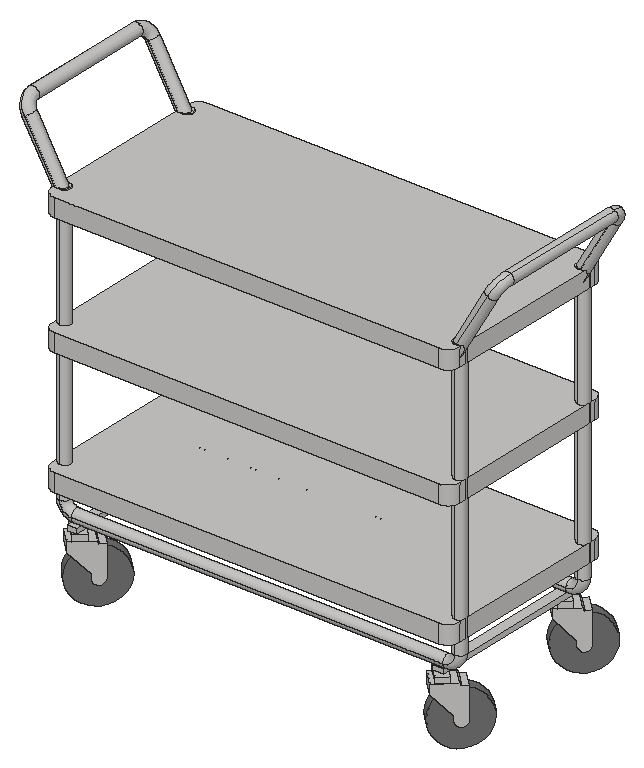
Revit family "QF_Vollrath_97166", category Specialty Equipment, Revit 2016
Family settings
  Part Type = Normal
  Round Connector Dimension = Use Diameter
  OmniClass Number = 23.40.40.14.17
  OmniClass Title = Food Cooking Equipment
  Work Plane-Based = No
  Always vertical = Yes
  Cut with Voids When Loaded = No
  Shared = No
  Room Calculation Point = No
Parameters (values of type "97166")
  Width [instance] = 40.50"
  Weight in Pounds = 37.65
  Watermarked By = "http://revitwatermark.com"
  URL Cutsheet = ""
  URL = ""
  Status [instance] = ""
  Specification by User [instance] = ""
  Specification by Manufacturer [instance] = ""
  Serial Number [instance] = ""
  Seismic Rating [instance] = ""
  Revision Code [instance] = ""
  NAFEM Spec ID Number [instance] = ""
  Model = "97166"
  Masterspec = ""
  Manufacturer = "Vollrath"
  Item Number [instance] = "-"
  Installed By [instance] = ""
  Identify Quantity as Lot [instance] = no
  Furnished By [instance] = ""
  Foodservice Equipment Identifier [instance] = yes
  Description = "Cart, Utility"
  Depth [instance] = 40.50"
  CSI MasterFormat = "11 48 13"
  Assembly Code = "E1090320"
Reference planes (in)
  plane 1: z = 0
  plane 2 "LEFT": x = 0
  plane 3 "RIGHT": x = 40.5
  plane 4 "FRONT": y = -19.62
  plane 5 "BACK": y = -3.62
  plane 6 "TOP": z = 36.5
  plane 7: x = 3.8
  plane 8: x = 36.7
  plane 9: z = 5.6
  plane 10: z = 6
  plane 11: z = 8.7
  plane 12: z = 10.2
  plane 13: z = 29.2
  plane 14: z = 30.7
  plane 15: y = -11.62
  plane 16: y = -18.02
  plane 17: y = -5.22
  plane 18: x = 20.25
  plane 19: z = 19.1
  plane 20: z = 20.6
Forms (in)
  Sweep 1, solid, material "QF_Finishes_Stainless Steel"
    path origin (16.16378, -0.04782, 1.26776) x (0, 1, 0) y (0.493545, 0, -0.86972)
      loop
        line (-17.97218, -30.7) -> (-17.97218, -36.95172)
        arc (-17.97218, -36.95172) -> (-17.67928, -37.65883) -> (-16.97218, -37.95172) r 1
        line (-16.97218, -37.95172) -> (-6.17218, -37.95172)
        arc (-6.17218, -37.95172) -> (-5.46507, -37.65883) -> (-5.17218, -36.95172) r 1
        line (-5.17218, -36.95172) -> (-5.17218, -30.7)
    profile origin (-0.53081, -18.02, 30.6868) x (0, 1, 0) y (-0.86972, 0, -0.493545)
      loop
        circle (0, -3.5) r 0.5
  Extrusion 2, solid, material "QF_Finishes_Stainless Steel"
    sketch origin (1.26549, 0, 16.75) x (-1, 0, 0) y (0, -1, 0)
      loop
        line (-3.40691, 4.95981) -> (-3.40691, 18.69329) -> (-4.1621, 18.69329) -> (-4.1621, 4.95981) -> (-3.40691, 4.95981)
      loop
        line (-33.51979, 4.60625) -> (-33.51979, 18.29014) -> (-34.36107, 18.29014) -> (-34.36107, 4.60625) -> (-33.51979, 4.60625)
    from -11.15 to -10.75
  Sweep 3, solid, material "QF_Finishes_Stainless Steel"
    path origin (0.07416, -4.72, 0) x (1, 0, 0) y (0, 0, -1)
      loop
        line (3.8, -30.7) -> (3.8, -7.51983)
        arc (3.8, -7.51983) -> (4.09289, -6.81273) -> (4.8, -6.51983) r 1
        line (4.8, -6.51983) -> (35.7, -6.51983)
        arc (35.7, -6.51983) -> (36.40711, -6.81273) -> (36.7, -7.51983) r 1
        line (36.7, -7.51983) -> (36.7, -30.7)
    profile origin (3.87416, -4.72, 19.10992) x (0, 1, 0) y (-1, 0, 0)
      loop
        circle (-0.5, 0) r 0.5
  Extrusion 4, solid, material "QF_Finishes_Stainless Steel"
    sketch origin (0, 0, 16.75) x (-1, 0, 0) y (0, -1, 0)
      loop
        arc (-4.35971, 3.62) -> (-3.6526, 3.91289) -> (-3.35971, 4.62) r 1
        line (-3.35971, 4.62) -> (-3.35971, 18.62)
        arc (-3.35971, 18.62) -> (-3.6526, 19.32711) -> (-4.35971, 19.62) r 1
        line (-4.35971, 19.62) -> (-36.2901, 19.62)
        arc (-36.2901, 19.62) -> (-36.99721, 19.32711) -> (-37.2901, 18.62) r 1
        line (-37.2901, 18.62) -> (-37.2901, 4.62)
        arc (-37.2901, 4.62) -> (-36.99721, 3.91289) -> (-36.2901, 3.62) r 1
        line (-36.2901, 3.62) -> (-4.35971, 3.62)
    from -8.05 to -6.55
  Extrusion 5, solid, material "QF_Finishes_Stainless Steel"
    sketch origin (0, 0, 37.25) x (-1, 0, 0) y (0, -1, 0)
      loop
        arc (-4.35971, 3.62) -> (-3.6526, 3.91289) -> (-3.35971, 4.62) r 1
        line (-3.35971, 4.62) -> (-3.35971, 18.62)
        arc (-3.35971, 18.62) -> (-3.6526, 19.32711) -> (-4.35971, 19.62) r 1
        line (-4.35971, 19.62) -> (-36.2901, 19.62)
        arc (-36.2901, 19.62) -> (-36.99721, 19.32711) -> (-37.2901, 18.62) r 1
        line (-37.2901, 18.62) -> (-37.2901, 4.62)
        arc (-37.2901, 4.62) -> (-36.99721, 3.91289) -> (-36.2901, 3.62) r 1
        line (-36.2901, 3.62) -> (-4.35971, 3.62)
    from -8.05 to -6.55
  Sweep 6, solid, material "QF_Finishes_Stainless Steel"
    path origin (0.07416, -18.52, 0) x (1, 0, 0) y (0, 0, 1)
      loop
        line (3.8, 30.7) -> (3.8, 7.51983)
        arc (3.8, 7.51983) -> (4.09289, 6.81273) -> (4.8, 6.51983) r 1
        line (4.8, 6.51983) -> (35.7, 6.51983)
        arc (35.7, 6.51983) -> (36.40711, 6.81273) -> (36.7, 7.51983) r 1
        line (36.7, 7.51983) -> (36.7, 30.7)
    profile origin (3.87416, -18.52, 19.10992) x (0, -1, 0) y (1, 0, 0)
      loop
        circle (-0.5, 0) r 0.5
  Sweep 7, solid, material "QF_Finishes_Stainless Steel"
    path origin (24.24727, -0.01843, 1.26776) x (0, 1, 0) y (0.493545, 0, 0.86972)
      loop
        line (-17.97218, 30.7) -> (-17.97218, 36.95172)
        arc (-17.97218, 36.95172) -> (-17.67928, 37.65883) -> (-16.97218, 37.95172) r 1
        line (-16.97218, 37.95172) -> (-6.17218, 37.95172)
        arc (-6.17218, 37.95172) -> (-5.46507, 37.65883) -> (-5.17218, 36.95172) r 1
        line (-5.17218, 36.95172) -> (-5.17218, 30.7)
    profile origin (40.94186, -17.99061, 30.6868) x (0, -1, 0) y (0.86972, 0, -0.493545)
      loop
        circle (0, -3.5) r 0.5
  Extrusion 8, solid, material "QF_Finishes_Stainless Steel"
    sketch origin (0, 0, 27.15) x (-1, 0, 0) y (0, -1, 0)
      loop
        arc (-4.35971, 3.62) -> (-3.6526, 3.91289) -> (-3.35971, 4.62) r 1
        line (-3.35971, 4.62) -> (-3.35971, 18.62)
        arc (-3.35971, 18.62) -> (-3.6526, 19.32711) -> (-4.35971, 19.62) r 1
        line (-4.35971, 19.62) -> (-36.2901, 19.62)
        arc (-36.2901, 19.62) -> (-36.99721, 19.32711) -> (-37.2901, 18.62) r 1
        line (-37.2901, 18.62) -> (-37.2901, 4.62)
        arc (-37.2901, 4.62) -> (-36.99721, 3.91289) -> (-36.2901, 3.62) r 1
        line (-36.2901, 3.62) -> (-4.35971, 3.62)
    from -8.05 to -6.55
Lines and regions (in)
  symbolic lines
    curve 1: line (3.35971, -5.62, 16.75) -> (3.35971, -17.53132, 16.75)
    curve 2: arc (3.8, -5.62, 16.75) -> (4.3, -5.12, 16.75) -> (3.8, -4.62, 16.75) r 0.5
    curve 3: line (36.7, -4.62, 16.75) -> (37.2901, -4.62, 16.75)
    curve 4: arc (1.40496, -18.68548, 16.75) -> (0.34319, -18.20633, 16.75) -> (0, -17.09315, 16.75) r 1.41598
    curve 5: line (0, -17.09315, 16.75) -> (0, -6.22, 16.75)
    curve 6: arc (0, -6.22, 16.75) -> (0.24752, -5.29624, 16.75) -> (0.92376, -4.62, 16.75) r 1.84752
    curve 7: line (0.92376, -4.62, 16.75) -> (3.8, -4.62, 16.75)
    curve 8: line (3.8, -5.62, 16.75) -> (3.35971, -5.62, 16.75)
    curve 9: line (3.35971, -5.62, 16.75) -> (1.10971, -5.62, 16.75)
    curve 10: line (1.10971, -5.62, 16.75) -> (1.10971, -17.53132, 16.75)
    curve 11: line (1.10971, -17.53132, 16.75) -> (3.87613, -17.53132, 16.75)
    curve 12: arc (3.87613, -18.68548, 16.75) -> (4.45321, -18.1084, 16.75) -> (3.87613, -17.53132, 16.75) r 0.57708
    curve 13: line (37.14029, -5.62, 16.75) -> (37.14029, -17.53132, 16.75)
    curve 14: arc (36.7, -5.62, 16.75) -> (36.2, -5.12, 16.75) -> (36.7, -4.62, 16.75) r 0.5
    curve 15: arc (39.09504, -18.68548, 16.75) -> (40.15681, -18.20633, 16.75) -> (40.5, -17.09315, 16.75) r 1.41598
    curve 16: line (40.5, -17.09315, 16.75) -> (40.5, -6.22, 16.75)
    curve 17: arc (40.5, -6.22, 16.75) -> (40.25248, -5.29624, 16.75) -> (39.57624, -4.62, 16.75) r 1.84752
    curve 18: line (39.57624, -4.62, 16.75) -> (36.7, -4.62, 16.75)
    curve 19: line (36.7, -5.62, 16.75) -> (37.14029, -5.62, 16.75)
    curve 20: line (37.14029, -5.62, 16.75) -> (39.39029, -5.62, 16.75)
    curve 21: line (39.39029, -5.62, 16.75) -> (39.39029, -17.53132, 16.75)
    curve 22: line (39.39029, -17.53132, 16.75) -> (36.62387, -17.53132, 16.75)
    curve 23: arc (36.62387, -18.68548, 16.75) -> (36.04679, -18.1084, 16.75) -> (36.62387, -17.53132, 16.75) r 0.57708
    curve 24: arc (4.35971, -3.62, 16.75) -> (3.6526, -3.91289, 16.75) -> (3.35971, -4.62, 16.75) r 1
    curve 25: line (36.2901, -3.62, 16.75) -> (4.35971, -3.62, 16.75)
    curve 26: arc (37.2901, -4.62, 16.75) -> (36.99721, -3.91289, 16.75) -> (36.2901, -3.62, 16.75) r 1
    curve 27: arc (36.2901, -19.62, 16.75) -> (36.99721, -19.32711, 16.75) -> (37.2901, -18.62, 16.75) r 1
    curve 28: line (4.35971, -19.62, 16.75) -> (36.2901, -19.62, 16.75)
    curve 29: arc (3.35971, -18.62, 16.75) -> (3.6526, -19.32711, 16.75) -> (4.35971, -19.62, 16.75) r 1
    curve 30: line (1.40496, -18.68548, 16.75) -> (4.15496, -18.68548, 16.75)
    curve 31: line (36.62387, -18.68548, 16.75) -> (39.09504, -18.68548, 16.75)
Dimensions and locks (in)
  plane 3 "RIGHT" to plane 2 "LEFT" = 40.50"
  locked: plane 8 to plane 3 "RIGHT" at 3.8
  plane 4 "FRONT" to plane 15 = 8.00"
  equal spacing: plane 4 "FRONT", plane 15, plane 5 "BACK"
  plane 9 to level = 5.60"
  plane 10 to plane 9 = 0.40"
  plane 11 to plane 10 = 2.70"
  plane 12 to plane 11 = 1.50"
  plane 14 to plane 13 = 1.50"
  plane 6 "TOP" to plane 14 = 5.80"
  locked: plane 2 "LEFT" to plane 7 at 3.8
  locked: plane 5 "BACK" to plane 17 at 1.6
  locked: plane 4 "FRONT" to plane 16 at 1.6
  equal spacing: plane 2 "LEFT", plane 18, plane 3 "RIGHT"
  plane 6 "TOP" to level = 36.50"
  locked: plane 5 "BACK" to nested 4 at 1.6
  locked: nested 4 to plane 8 at 1.49407
  locked: nested 3 to plane 8 at 1.49407
  locked: plane 4 "FRONT" to nested 3 at 1.6
  locked: plane 4 "FRONT" to nested 2 at 1.6
  "Width": plane 2 "LEFT" to plane 3 "RIGHT"
  plane 5 "BACK" to plane 4 "FRONT" = 16.00"
  aligned and locked: level to plane 1
Automatic sketch dimensions
  Sweep 1 sketch curve to plane 16 = 0.00"
  plane 17 to Sweep 1 sketch curve = 0.00"
  Sweep 1 sketch curve to plane 16 = 1.00"
  Sweep 1 sketch curve to plane 17 = 1.00"
  Sweep 1 sketch curve to Sweep 1 sketch curve = 6.25172"  (x2)
  profile plane to Sweep 1 sketch curve = 0.00"
  Sweep 1 sketch curve to profile plane = 3.50"
  Extrusion 2 sketch curve to plane 4 "FRONT" = 1.32986"
  Extrusion 2 sketch curve to plane 5 "BACK" = 0.98625"
  Extrusion 2 sketch curve to plane 8 = 1.07343"
  Extrusion 2 sketch curve to Extrusion 2 sketch curve = 0.84128"
  Extrusion 2 sketch curve to plane 5 "BACK" = 1.33981"
  plane 7 to Extrusion 2 sketch curve = 1.6276"
  Extrusion 2 sketch curve to plane 4 "FRONT" = 0.92671"
  Extrusion 2 sketch curve to Extrusion 2 sketch curve = 0.7552"
  Sweep 3 sketch curve to plane 14 = 0.00"  (x2)
  plane 7 to Sweep 3 sketch curve = 0.07416"
  plane 10 to Sweep 3 sketch curve = 0.51983"
  plane 7 to Sweep 3 sketch curve = 1.07416"
  Sweep 3 sketch curve to plane 8 = 0.92584"
  plane 8 to Sweep 3 sketch curve = 0.07416"
  Sweep 3 sketch curve to profile plane = 0.00"
  Sweep 3 sketch curve to profile plane = 0.50"
  Extrusion 4 sketch curve to plane 5 "BACK" = 0.00"
  plane 4 "FRONT" to Extrusion 4 sketch curve = 0.00"
  plane 8 to Extrusion 4 sketch curve = 0.5901"
  Extrusion 4 sketch curve to plane 8 = 0.4099"  (x2)
  plane 7 to Extrusion 4 sketch curve = 0.55971"  (x2)
  Extrusion 4 sketch curve to plane 7 = 0.44029"
  Extrusion 5 sketch curve to plane 5 "BACK" = 0.00"
  plane 4 "FRONT" to Extrusion 5 sketch curve = 0.00"
  plane 8 to Extrusion 5 sketch curve = 0.5901"
  Extrusion 5 sketch curve to plane 8 = 0.4099"  (x2)
  plane 7 to Extrusion 5 sketch curve = 0.55971"  (x2)
  Extrusion 5 sketch curve to plane 7 = 0.44029"
  Sweep 6 sketch curve to plane 14 = 0.00"  (x2)
  plane 7 to Sweep 6 sketch curve = 0.07416"
  plane 10 to Sweep 6 sketch curve = 0.51983"
  plane 7 to Sweep 6 sketch curve = 1.07416"
  Sweep 6 sketch curve to plane 8 = 0.92584"
  plane 8 to Sweep 6 sketch curve = 0.07416"
  Sweep 6 sketch curve to profile plane = 0.00"
  Sweep 6 sketch curve to profile plane = 0.50"
  Sweep 7 sketch curve to plane 16 = 0.02939"
  plane 17 to Sweep 7 sketch curve = 0.02939"
  Sweep 7 sketch curve to plane 16 = 1.02939"
  Sweep 7 sketch curve to Sweep 7 sketch curve = 1.00"
  Sweep 7 sketch curve to Sweep 7 sketch curve = 0.00"
  Sweep 7 sketch curve to Sweep 7 sketch curve = 6.25172"
  Sweep 7 sketch curve to profile plane = 0.00"
  Sweep 7 sketch curve to profile plane = 3.50"
  Extrusion 8 sketch curve to plane 5 "BACK" = 0.00"
  plane 4 "FRONT" to Extrusion 8 sketch curve = 0.00"
  plane 8 to Extrusion 8 sketch curve = 0.5901"
  Extrusion 8 sketch curve to plane 8 = 0.4099"  (x2)
  plane 7 to Extrusion 8 sketch curve = 0.55971"  (x2)
  Extrusion 8 sketch curve to plane 7 = 0.44029"
  curve 15 to plane 3 "RIGHT" = 0.00"
  curve 14 to plane 8 = 0.00"
  curve 25 to plane 5 "BACK" = 0.00"
  plane 4 "FRONT" to curve 28 = 0.00"
  curve 5 to plane 2 "LEFT" = 0.00"
  curve 17 to plane 3 "RIGHT" = 0.92376"
  curve 21 to plane 16 = 0.48868"
  curve 21 to plane 3 "RIGHT" = 1.10971"
  curve 21 to curve 31 = 0.29525"
  curve 20 to curve 17 = 0.73782"
  plane 8 to curve 27 = 0.5901"
  plane 8 to curve 20 = 0.44029"
  curve 23 to plane 8 = 0.07613"
  curve 25 to plane 8 = 0.4099"
  curve 28 to plane 8 = 0.4099"
  plane 7 to curve 24 = 0.55971"
  plane 7 to curve 29 = 0.55971"
  curve 29 to curve 30 = 0.20475"
  plane 7 to curve 11 = 0.07613"
  plane 7 to curve 12 = 0.07613"
  curve 2 to curve 8 = 0.44029"
  curve 29 to plane 7 = 0.44029"
  curve 6 to plane 17 = 1.00"
  curve 1 to curve 6 = 1.51218"
  plane 16 to curve 4 = 0.66548"
  plane 2 "LEFT" to curve 4 = 1.40496"
  curve 4 to curve 10 = 0.29525"
  plane 17 to curve 2 = 0.10"
  plane 17 to curve 14 = 0.10"
  curve 15 to plane 16 = 0.92685"
  curve 5 to plane 16 = 0.92685"
  curve 15 to curve 21 = 0.26182"
  curve 12 to plane 16 = 0.48868"
  curve 2 to plane 7 = 0.00"
  plane 8 to curve 26 = 0.5901"
  curve 2 to curve 24 = 0.44029"
  radius of Sweep 1 sketch curve = 0.50"
  radius of Sweep 3 sketch curve = 0.50"
  radius of Sweep 6 sketch curve = 0.50"
  radius of Sweep 7 sketch curve = 0.50"
Nested families (in)
  nested 1: "FESCaster" at (5.05, -5.22, 0), type "FESCaster"
    with Height 5.60", Caster Radius 2.30"
  nested 2: "FESCaster" at (5.05, -18.02, 0), type "FESCaster"
    with Height 5.60", Caster Radius 2.30"
  nested 3: "FESCaster" at (35.20593, -18.02, 0), type "FESCaster"
    with Height 5.60", Caster Radius 2.30"
  nested 4: "FESCaster" at (35.20593, -5.22, 0), type "FESCaster"
    with Height 5.60", Caster Radius 2.30"
Definition of nested family "FESCaster"
  Parameters
    Watermarked By = "http://revitwatermark.com"
    Type Comments = "⍁⍉⌁⌀⏭⎽⌇⍠⌜⍉⎖⌥⌦⌯⍭⏊⍻⍿⍊⏵⍊⏗⏠⍴⎡⌈⎀⍠⌓⌤⏘⎐⍀⌐⏬⏁⎈⏍⏦⎒⏬⌝⍩⍇⌣〈⎫〉⎁⏊⍥⍖⍥⍝⍦⌖⍀⏌⏭⎝⎼⏷⏞⍻⏯⎽⏷⏞⍻⏯⎽⏷⎺⌻⎝⍎⌧⏷⏟⏿⌿⍜⍦⍤⌁⍬⏶⏎⍊⏚⏉⎞⌡⎀⎪⏈⌟⌿⍾⍼⌟⌿⌢⌞⏞⏝⌻⎸⎻⎷⎳⎻⎛⌞⌼⏚⍿⏸⍨⏷⍡⍺⏼⏅⎏⌽⌻⍽⎝⍮⎧⍏⏳⏲⎼⏈⏋⏙⎏⏽⏘⍹⏞⌜⏼⍴⏶⏮⏿⌁"
    Height [instance] = 6.00"
    Caster Radius [instance] = if(Height < 3.00", 1.00", (Height / 2) - 0.50")  # 2.50"
    Assembly Code = ""
  Reference planes (in)
    plane 1 "Center (Front/Back)": y = 0
    plane 2: z = 0
    plane 3 "Center (Left/Right)": x = 0
    plane 4: z = 6
    plane 5: z = 5.5
  Forms (in)
    Extrusion 1, solid
      sketch origin (-24.12131, -22.88887, 10.18833) x (0.707107, 0.707107, 0) y (0, 0, 1)
        loop
          line (34.98772, -7.68833) -> (34.98772, -4.93833) -> (34.48772, -4.93833) -> (34.39402, -4.68833) -> (32.39402, -4.68833) -> (32.39402, -5.43833) -> (33.98772, -7.34206) -> (33.98772, -7.68833)
          arc (33.98772, -7.68833) -> (34.48772, -8.18833) -> (34.98772, -7.68833) r 0.5
      from 0 to 1.75
    Extrusion 2, solid
      sketch origin (-24.32327, -23.09083, 13.31461) x (0.707107, 0.707107, 0) y (0, 0, 1)
        loop
          circle (34.77334, -10.81461) r 2.5
      from 0.375 to 1.375
    Extrusion 3, solid
      sketch origin (-7.24148, -8.48391, 0) x (0.707107, 0.707107, 0) y (0, 0, 1)
        loop
          line (10.61603, 5.5) -> (11.61603, 5.5) -> (11.61603, 6) -> (10.61603, 6) -> (10.61603, 5.5)
      from 0 to -1.75
  Lines and regions (in)
    symbolic lines
      curve 1: line (-1.26158, -0.51911, 0) -> (1.39007, 2.13254, 0)
      curve 2: line (-0.53429, -1.24639, 0) -> (2.11736, 1.40526, 0)
      curve 3: line (-1.26158, -0.51911, 0) -> (1.39007, 2.13254, 0)
      curve 4: line (-0.53429, -1.24639, 0) -> (2.11736, 1.40526, 0)
  Dimensions and locks (in)
    locked: plane 4 to plane 5 at 0.5
    "Height": plane 4 to level
    "Caster Radius": Extrusion 2 sketch curve to level
    "Caster Radius": Extrusion 1 sketch curve to level
    "Caster Radius": radius of Extrusion 2 sketch curve
    aligned and locked: plane 2 to level
    aligned and locked: Extrusion 3 to plane 5
    aligned and locked: plane 4 to Extrusion 3
    aligned and locked: plane 5 to Extrusion 1
  Automatic sketch dimensions
    plane 1 "Center (Front/Back)" to curve 3 = 0.51911"
    curve 3 to plane 3 "Center (Left/Right)" = 1.26158"
    plane 1 "Center (Front/Back)" to curve 1 = 0.51911"
    curve 1 to curve 3 = 0.00"  (x3)
    curve 4 to plane 3 "Center (Left/Right)" = 0.53429"
    curve 2 to curve 4 = 0.00"  (x2)
    plane 3 "Center (Left/Right)" to curve 3 = 1.39007"
    curve 1 to curve 4 = 0.72729"
    curve 2 to curve 1 = 0.72729"
    curve 4 to curve 2 = 0.00"  (x2)
    curve 2 to plane 1 "Center (Front/Back)" = 1.40526"
    curve 2 to curve 3 = 0.72729"
    plane 5 to Extrusion 1 sketch curve = 0.00"
    Extrusion 1 sketch curve to Extrusion 1 sketch curve = 1.5937"
    Extrusion 1 sketch curve to Extrusion 1 sketch curve = 2.00"
    Extrusion 1 sketch curve to Extrusion 1 sketch curve = 0.0937"
    Extrusion 1 sketch curve to Extrusion 1 sketch curve = 0.50"
    Extrusion 1 sketch curve to Extrusion 1 sketch curve = 0.34627"
    Extrusion 1 sketch curve to plane 5 = 0.75"
    Extrusion 1 sketch curve to plane 5 = 0.25"
    Extrusion 3 sketch curve to plane 5 = 0.00"
    plane 4 to Extrusion 3 sketch curve = 0.00"
    Extrusion 3 sketch curve to Extrusion 3 sketch curve = 1.00"
